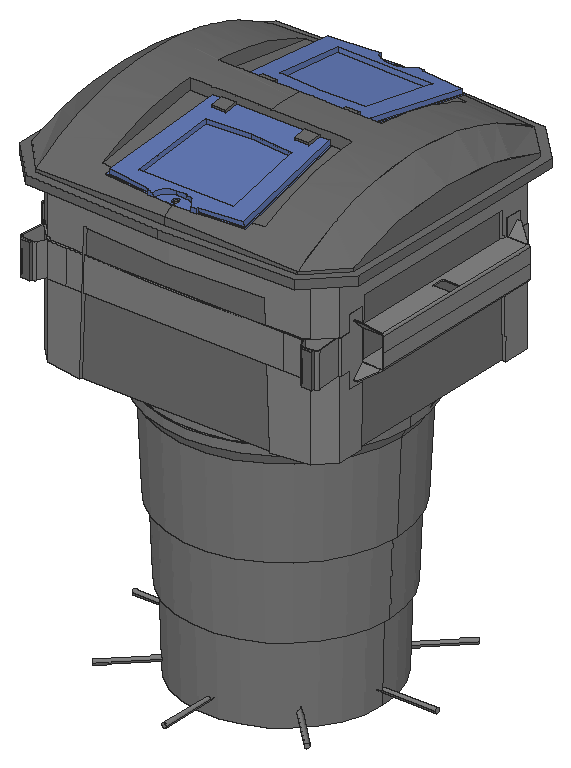
Revit family "Site-Waste_Management-EarthBin-EB500-bk2", category Site, Revit 2021
Family settings
  Round Connector Dimension = Use Diameter
  Part Type = Normal
  OmniClass Number = 23.70.30.21.14
  OmniClass Title = Solid Waste Bins
  Work Plane-Based = No
  Always vertical = Yes
  Cut with Voids When Loaded = No
  Shared = No
Parameters (values of type "Black")
  URL = "https://www.earthbin.com/"
  Type Comments = "6.5 cu. yd. (5000 litres)"  # constant formula
  Model = "EB500"  # constant formula
  Manufacturer = "EarthBin"  # constant formula
  Description = "Rectangular waste & recycling"  # constant formula
  Default Elevation = 0' - 0"
  CD_Width = 6' - 8"  # constant formula
  CD_Specification = "https://static1.squarespace.com/static/5818b2cc03596e3016bd3fee/t/650c69fb3b03872bf3e15cf4/1695314375663/Cutsheet_EB500%2B500_EN.pdf"
  CD_Product Page URL = "https://www.earthbin.com/front-load-semi-in-ground"
  CD_Product Name = "Front Load Semi In-Ground EB500"  # constant formula
  CD_Product Documentation Link = "https://static1.squarespace.com/static/5818b2cc03596e3016bd3fee/t/6509f455b6659b7f399c748e/1695314541799/ProductGuide_EarthBin_EN.pdf"
  CD_Microsite = "https://www.caddetails.com/5581"
  CD_Height = 4' - 3 1/4"  # constant formula
  CD_Finish Lid = Plastic-Polyethylene-EarthBin-Lid-Grey
  CD_Finish Frame = Metal-Steel-EarthBin
  CD_Finish Feed Door = Plastic-Polyethylene-EarthBin-Feed_Door-Blue
  CD_Finish Bin = Plastic-Polyethylene-EarthBin-Panel_Wide-Black
  CD_Feed Height = 3' - 9 1/4"  # constant formula
  CD_Depth In Ground = 5' - 2"  # constant formula
  CD_Depth = 5' - 10"  # constant formula
  CD_Created By = "CADdetails Ltd. 2023"  # constant formula
  Assembly Code = "E1090200"
Types (2): name | CD_Finish Bin
  Brown | Plastic-Polyethylene-EarthBin-Panel_Wide-Brown
  Black | Plastic-Polyethylene-EarthBin-Panel_Wide-Black
Reference planes (in)
  plane 1 "Center (Front/Back)": y = 0
  plane 2 "Grade": z = 4
  plane 3 "Center (Left/Right)": x = 0
  plane 4 "Right": x = 40
  plane 5 "Left": x = -40
  plane 6 "Front": y = 35
  plane 7 "Back": y = -35
  plane 8 "Top": z = 55.25
  plane 9 "Feed Height": z = 49.25
  plane 10 "Sleeve": z = 0
  plane 11 "Steel Framing Back": y = -21.01953
  plane 12 "Steel Framing Front": y = 21.01953
  plane 13 "Lid": z = 42.75
  plane 14 "Metal": z = 26.03791
  plane 15 "Back Rail": y = -34.10156
  plane 16 "Front Rail": y = 34.10156
  plane 17 "Rebar": through (0, 0, 144) normal (-0.7071, 0.7071, 0)
  plane 18 "Bottom": z = -62
Forms (in)
  Revolve 1, solid, material "Plastic-Polyethylene-EarthBin-Sleeve-Grey"
    sketch origin (0, 0, -65.75) x (1, 0, 0) y (0, 0, 1)
      loop
        line (0, 3.75) -> (0, 69.75) -> (-27.84093, 69.75) -> (-28.37532, 65.75) -> (-28.82359, 65.75) -> (-28.82359, 63.625) -> (-28.37532, 63.625) -> (-26.83286, 60.84234) -> (-25.87562, 39.88026) -> (-24.64766, 39.88026) -> (-23.94171, 22.21575) -> (-22.95309, 22.21575) -> (-22.36704, 3.75) -> (0, 3.75)
      axis (0, 3.75) -> (0, 69.75)
    angle from 0 to 360
  Extrusion 2, solid, material "Metal-Steel-EarthBin" <- "CD_Finish Frame"
    sketch origin (0, 0, 0) x (1, 0, 0) y (0, 1, 0)
      loop
        line (-30.24539, 30.72206) -> (-34.03946, 26.92799) -> (-34.03946, -26.92799) -> (-30.24539, -30.72206)
        arc (-30.24539, -30.72206) -> (0, -33.3675) -> (30.24539, -30.72206) r 174.22124
        line (30.24539, -30.72206) -> (34.03946, -26.92799) -> (34.03946, 26.92799) -> (30.24539, 30.72206)
        arc (30.24539, 30.72206) -> (0, 33.3675) -> (-30.24539, 30.72206) r 174.22124
    from 4 to 42.75
  Blend 3, solid, material "Plastic-Polyethylene-EarthBin-Lid-Grey" <- "CD_Finish Lid"
    base sketch origin (0, 0, -61.75) x (0, 1, 0) y (0, 0, 1)
      loop
        line (26.92799, 104.5) -> (26.92799, 107.26035)
        arc (26.92799, 107.26035) -> (0, 112.26577) -> (-26.92799, 107.26035) r 74.93587
        line (-26.92799, 107.26035) -> (-26.92799, 104.5) -> (26.92799, 104.5)
    top sketch origin (0, 0, -61.75) x (0, 1, 0) y (0, 0, 1)
      loop
        line (34.1175, 104.5) -> (34.1175, 107.02798)
        arc (34.1175, 107.02798) -> (0, 117) -> (-34.1175, 107.02798) r 63.34948
        line (-34.1175, 107.02798) -> (-34.1175, 104.5) -> (34.1175, 104.5)
    from -37.1421 to -30.30484
  Blend 4, solid, material "Plastic-Polyethylene-EarthBin-Lid-Grey" <- "CD_Finish Lid"
    base sketch origin (0, 0, -61.75) x (0, 1, 0) y (0, 0, -1)
      loop
        line (26.92799, -104.5) -> (-26.92799, -104.5) -> (-26.92799, -107.26035)
        arc (-26.92799, -107.26035) -> (0, -112.26577) -> (26.92799, -107.26035) r 74.93587
        line (26.92799, -107.26035) -> (26.92799, -104.5)
    top sketch origin (0, 0, -61.75) x (0, 1, 0) y (0, 0, -1)
      loop
        line (34.1175, -104.5) -> (-34.1175, -104.5) -> (-34.1175, -107.02798)
        arc (-34.1175, -107.02798) -> (0, -117) -> (34.1175, -107.02798) r 63.34948
        line (34.1175, -107.02798) -> (34.1175, -104.5)
    from -37.1421 to -30
  Blend 5, solid, material "Plastic-Polyethylene-EarthBin-Lid-Grey" <- "CD_Finish Lid"
    base sketch origin (0, 0, -61.75) x (0, 1, 0) y (0, 0, 1)
      loop
        line (34.1175, 104.5) -> (34.1175, 107.02798)
        arc (34.1175, 107.02798) -> (0, 117) -> (-34.1175, 107.02798) r 63.34948
        line (-34.1175, 107.02798) -> (-34.1175, 104.5) -> (34.1175, 104.5)
    top sketch origin (0, 0, -61.75) x (0, 1, 0) y (0, 0, 1)
      loop
        line (-35, 104.5) -> (35, 104.5) -> (35, 108.16281)
        arc (35, 108.16281) -> (0, 117) -> (-35, 108.16281) r 73.72795
        line (-35, 108.16281) -> (-35, 104.5)
    from -30.30484 to 0
  Blend 6, solid, material "Plastic-Polyethylene-EarthBin-Lid-Grey" <- "CD_Finish Lid"
    base sketch origin (0, 0, -61.75) x (0, 1, 0) y (0, 0, -1)
      loop
        line (34.1175, -104.5) -> (-34.1175, -104.5) -> (-34.1175, -107.02798)
        arc (-34.1175, -107.02798) -> (0, -117) -> (34.1175, -107.02798) r 63.34948
        line (34.1175, -107.02798) -> (34.1175, -104.5)
    top sketch origin (0, 0, -61.75) x (0, 1, 0) y (0, 0, -1)
      loop
        line (-35, -104.5) -> (-35, -108.16281)
        arc (-35, -108.16281) -> (0, -117) -> (35, -108.16281) r 73.72795
        line (35, -108.16281) -> (35, -104.5) -> (-35, -104.5)
    from -30 to 0
  Extrusion 7, void
    sketch origin (0, 0, -61.75) x (0, 1, 0) y (0, 0, 1)
      loop
        line (-31.6432, 112.63436) -> (-31.6432, 109.86423) -> (-4.1432, 114.20005) -> (-4.1432, 119.5682)
        arc (-4.1432, 119.5682) -> (-18.23412, 117.45341) -> (-31.6432, 112.63436) r 72.79839
    from -18.82813 to 18.82813
  Extrusion 8, void
    sketch origin (0, 0, -61.75) x (0, -1, 0) y (0, 0, -1)
      loop
        arc (-31.6432, -112.63436) -> (-18.23412, -117.45341) -> (-4.1432, -119.5682) r 72.79839
        line (-4.1432, -119.5682) -> (-4.1432, -114.20005) -> (-31.6432, -109.86423) -> (-31.6432, -112.63436)
    from -18.82621 to 18.82813
  Extrusion 9, void
    sketch origin (0, 0, 0) x (1, 0, 0) y (0, 0, 1)
      loop
        line (-22, 0) -> (22, 0) -> (20.89194, 35.73066) -> (-20.89194, 35.73066) -> (-22, 0)
    from 31.34321 to 35
  Extrusion 10, void
    sketch origin (0, 0, 0) x (1, 0, 0) y (0, 0, 1)
      loop
        line (22, 0) -> (20.89194, 35.73066) -> (-20.89194, 35.73066) -> (-22, 0) -> (22, 0)
    from -35 to -31.34375
  Extrusion 11, void
    sketch origin (0, 0, 0) x (0, 1, 0) y (0, 0, 1)
      loop
        line (21.01953, 0) -> (19.91147, 35.73066) -> (-19.91147, 35.73066) -> (-21.01953, 0) -> (21.01953, 0)
    from 33.1684 to 40
  Extrusion 12, void
    sketch origin (0, 0, 0) x (0, 1, 0) y (0, 0, 1)
      loop
        line (21.01953, 0) -> (19.91147, 35.73066) -> (-19.91147, 35.73066) -> (-21.01953, 0) -> (21.01953, 0)
    from -40 to -33.16797
  Extrusion 13, solid, material "Metal-Steel-EarthBin" <- "CD_Finish Frame", detail levels fine
    sketch origin (0, 35, -61.75) x (-1, 0, 0) y (0, 0, 1)
      loop
        circle (0, 3.06531) r 0.5
    from -13.98047 to 0
  Extrusion 14, solid, material "Metal-Steel-EarthBin" <- "CD_Finish Frame", detail levels fine
    sketch origin (24.74874, 24.74874, -61.75) x (-0.707107, 0.707107, 0) y (0, 0, 1)
      loop
        circle (0, 3.06531) r 0.5
    from -13.98047 to 0
  Extrusion 15, solid, material "Metal-Steel-EarthBin" <- "CD_Finish Frame", detail levels fine
    sketch origin (35, 0, -61.75) x (0, 1, 0) y (0, 0, 1)
      loop
        circle (0, 3.06531) r 0.5
    from -13.98047 to 0
  Extrusion 16, solid, material "Metal-Steel-EarthBin" <- "CD_Finish Frame", detail levels fine
    sketch origin (24.74874, -24.74874, -61.75) x (0.707107, 0.707107, 0) y (0, 0, 1)
      loop
        circle (0, 3.06531) r 0.5
    from -13.98047 to 0
  Extrusion 17, solid, material "Metal-Steel-EarthBin" <- "CD_Finish Frame", detail levels fine
    sketch origin (0, -35, -61.75) x (1, 0, 0) y (0, 0, 1)
      loop
        circle (0, 3.06531) r 0.5
    from -13.98047 to 0
  Extrusion 18, solid, material "Metal-Steel-EarthBin" <- "CD_Finish Frame", detail levels fine
    sketch origin (-24.74874, -24.74874, -61.75) x (0.707107, -0.707107, 0) y (0, 0, 1)
      loop
        circle (0, 3.06531) r 0.5
    from -13.98047 to 0
  Extrusion 19, solid, material "Metal-Steel-EarthBin" <- "CD_Finish Frame", detail levels fine
    sketch origin (-35, 0, -61.75) x (0, -1, 0) y (0, 0, 1)
      loop
        circle (0, 3.06531) r 0.5
    from -13.98047 to 0
  Extrusion 20, solid, material "Metal-Steel-EarthBin" <- "CD_Finish Frame", detail levels fine
    sketch origin (-24.74874, 24.74874, -61.75) x (-0.707107, -0.707107, 0) y (0, 0, 1)
      loop
        circle (0, 3.06531) r 0.5
    from -13.98047 to 0
  Extrusion 21, solid, material "Plastic-Polyethylene-EarthBin-Lid-Grey" <- "CD_Finish Lid", detail levels medium+fine
    sketch origin (0, 0, 0) x (1, 0, 0) y (0, 1, 0)
      loop
        line (-30.30484, 34.1175) -> (-37.1421, 26.92799) -> (-37.1421, -26.92799) -> (-30.30484, -34.1175) -> (0, -35) -> (30, -34.1175) -> (37.1421, -26.92799) -> (37.1421, 26.92799) -> (30, 34.1175) -> (0, 35) -> (-30.30484, 34.1175)
      loop
        line (-39.1421, 27.72716) -> (-39.1421, -27.72716) -> (-31.18645, -36.09268) -> (0.0003, -37.00086) -> (30.85647, -36.09317) -> (39.1421, -27.75255) -> (39.1421, 27.75255) -> (30.85647, 36.09317) -> (0.0003, 37.00086) -> (-31.18645, 36.09268) -> (-39.1421, 27.72716)
    from 42.75 to 44.75
Cuts and joins
  Extrusion 7, Extrusion 8 cuts Blend 5
  Extrusion 7, Extrusion 8 cuts Blend 6
  joined: Blend 3, Blend 4, Blend 5, Blend 6
  Extrusion 9, Extrusion 10, Extrusion 11, Extrusion 12 cuts Revolve 1
  Extrusion 9, Extrusion 10, Extrusion 11, Extrusion 12 cuts Extrusion 2
Dimensions and locks (in)
  equal spacing: plane 5 "Left", plane 3 "Center (Left/Right)", plane 4 "Right"
  "CD_Width": plane 5 "Left" to plane 4 "Right"
  equal spacing: plane 6 "Front", plane 1 "Center (Front/Back)", plane 7 "Back"
  "CD_Depth": plane 6 "Front" to plane 7 "Back"
  locked: plane 2 "Grade" to plane 10 "Sleeve" at 4
  locked: plane 6 "Front" to plane 12 "Steel Framing Front" at 13.98047
  locked: plane 11 "Steel Framing Back" to plane 7 "Back" at 13.98047
  locked: plane 14 "Metal" to plane 8 "Top" at 29.21209
  locked: plane 1 "Center (Front/Back)" to nested 3 at 4.29895
  locked: nested 4 to plane 1 "Center (Front/Back)" at 4.3072
  plane 8 "Top" to nested 4 = 0' - 6.18108"
  plane 8 "Top" to nested 3 = 0' - 6.19174"
  Extrusion 9 sketch curve to Extrusion 9 sketch curve to plane 3 "Center (Left/Right)" to Extrusion 9 sketch curve to Extrusion 9 sketch curve = 0' - 1.10806" locked, 1' - 8.89194" locked, 1' - 8.89194" locked, 0' - 1.10806" locked
  Extrusion 11 sketch curve to Extrusion 11 sketch curve to plane 1 "Center (Front/Back)" to Extrusion 11 sketch curve to Extrusion 11 sketch curve = 0' - 1.10806" locked, 1' - 7.91147" locked, 1' - 7.91147" locked, 0' - 1.10806" locked
  locked: plane 15 "Back Rail" to plane 7 "Back" at 0.89844
  locked: plane 6 "Front" to plane 16 "Front Rail" at 0.89844
  Revolve 1 sketch curve to level to Revolve 1 sketch curve to Revolve 1 sketch curve = 0' - 0" locked, 0' - 2 1/8" locked, 0' - 2.78266" locked
  "CD_Depth In Ground": level to plane 18 "Bottom"
  "CD_Height": plane 8 "Top" to plane 2 "Grade"
  "CD_Feed Height": plane 9 "Feed Height" to plane 2 "Grade"
  Revolve 1 sketch curve to Revolve 1 sketch curve to plane 18 "Bottom" = 1' - 5.66451" locked, 1' - 6.46575" locked
  locked: plane 18 "Bottom" to Extrusion 19 at 3.81531
  Blend 3 sketch curve to plane 1 "Center (Front/Back)" to Blend 3 sketch curve = 2' - 2.92799" locked, 2' - 2.92799" locked
  Blend 3 sketch curve to Blend 3 sketch curve to Blend 3 sketch curve to plane 13 "Lid" = 0' - 5.00542" locked, 0' - 0" locked, 0' - 2.76035" locked
  Blend 3 sketch curve to plane 1 "Center (Front/Back)" to Blend 3 sketch curve = 2' - 10.1175" locked, 2' - 10.1175" locked
  Blend 3 sketch curve to Blend 3 sketch curve to Blend 3 sketch curve to plane 13 "Lid" = 0' - 9.97202" locked, 0' - 0" locked, 0' - 2.52798" locked
  locked: Blend 5 sketch curve to plane 13 "Lid" at 12.5
  Blend 4 sketch curve to plane 1 "Center (Front/Back)" to Blend 4 sketch curve = 2' - 10.1175" locked, 2' - 10.1175" locked
  Blend 4 sketch curve to Blend 4 sketch curve to Blend 4 sketch curve to plane 13 "Lid" = 0' - 9.97202" locked, 0' - 0" locked, 0' - 2.52798" locked
  locked: Blend 6 sketch curve to plane 13 "Lid" at 12.5
  locked: plane 8 "Top" to plane 13 "Lid" at 12.5
  Extrusion 7 sketch curve to Extrusion 7 sketch curve to plane 1 "Center (Front/Back)" = 2' - 3 1/2" locked, 0' - 4.1432" locked
  Extrusion 7 sketch curve to Extrusion 7 sketch curve to Extrusion 7 sketch curve to plane 9 "Feed Height" to Extrusion 7 sketch curve = 0' - 5.36816" locked, 0' - 1.56569" locked, 0' - 1.63436" locked, 0' - 1.13577" locked
  Extrusion 8 sketch curve to Extrusion 8 sketch curve to plane 6 "Front" = 2' - 3 1/2" locked, 0' - 3.3568" locked
  Extrusion 8 sketch curve to Extrusion 8 sketch curve to Extrusion 8 sketch curve to plane 9 "Feed Height" to Extrusion 8 sketch curve = 0' - 5.36816" locked, 0' - 1.56569" locked, 0' - 1.63436" locked, 0' - 1.13577" locked
  locked: cut or joined group of Blend 3, Blend 4, Blend 5, Blend 6, Extrusion 7, Extrusion 8 to plane 3 "Center (Left/Right)" at 18.82813
  locked: cut or joined group of Blend 3, Blend 4, Blend 5, Blend 6, Extrusion 7, Extrusion 8 to plane 3 "Center (Left/Right)" at 18.82621
  locked: Extrusion 12 sketch curve to level at 35.73066
  Extrusion 12 sketch curve to Extrusion 12 sketch curve to plane 1 "Center (Front/Back)" to Extrusion 12 sketch curve to Extrusion 12 sketch curve = 0' - 1.10806" locked, 1' - 7.91147" locked, 1' - 7.91147" locked, 0' - 1.10806" locked
  locked: Extrusion 11 sketch curve to level at 35.73066
  locked: level to Extrusion 10 sketch curve at 35.73066
  Extrusion 10 sketch curve to Extrusion 10 sketch curve to plane 3 "Center (Left/Right)" to Extrusion 10 sketch curve to Extrusion 10 sketch curve = 0' - 1.10806" locked, 1' - 8.89194" locked, 1' - 8.89194" locked, 0' - 1.10806" locked
  locked: Extrusion 9 sketch curve to level at 35.73066
  Extrusion 21 sketch curve to Extrusion 21 sketch curve to Extrusion 21 sketch curve to plane 3 "Center (Left/Right)" to Extrusion 21 sketch curve to Extrusion 21 sketch curve to Extrusion 21 sketch curve = 0' - 7.95565" locked, 0' - 0" locked, 2' - 7.18645" locked, 2' - 6.85647" locked, 0' - 0" locked, 0' - 8.28562" locked
  Extrusion 21 sketch curve to Extrusion 21 sketch curve to Extrusion 21 sketch curve to Extrusion 21 sketch curve to Extrusion 21 sketch curve to plane 1 "Center (Front/Back)" to Extrusion 21 sketch curve to Extrusion 21 sketch curve to Extrusion 21 sketch curve to Extrusion 21 sketch curve to Extrusion 21 sketch curve = 0' - 0.90769" locked, 0' - 0.0005" locked, 0' - 8.34013" locked, 0' - 0.02539" locked, 2' - 3.72716" locked, 2' - 3.72716" locked, 0' - 0.02539" locked, 0' - 8.34013" locked, 0' - 0.0005" locked, 0' - 0.90769" locked
  locked: Extrusion 21 to plane 13 "Lid" at 2
  plane 3 "Center (Left/Right)" to Revolve 1 sketch curve to Revolve 1 sketch curve to Revolve 1 sketch curve to Revolve 1 sketch curve to Revolve 1 sketch curve to Revolve 1 sketch curve to Revolve 1 sketch curve to Revolve 1 sketch curve to Revolve 1 sketch curve to Revolve 1 sketch curve = 1' - 10.36704" locked, 0' - 0.58605" locked, 0' - 0.98862" locked, 0' - 0.70595" locked, 0' - 1.22797" locked, 0' - 0.95724" locked, 0' - 1.00806" locked, 0' - 0.53439" locked, 0' - 0" locked, 0' - 0.44827" locked
  locked: plane 1 "Center (Front/Back)" to plane 17 "Rebar" (angle 45.00°)
  aligned and locked: Revolve 1 sketch curve to plane 3 "Center (Left/Right)"
  aligned and locked: plane 13 "Lid" to Extrusion 2
  aligned and locked: Blend 5 to Blend 3
  aligned and locked: plane 3 "Center (Left/Right)" to Blend 5
  aligned and locked: Blend 6 sketch curve to plane 7 "Back"
  aligned and locked: Blend 6 sketch curve to plane 6 "Front"
  aligned and locked: Blend 5 sketch curve to plane 6 "Front"
  aligned and locked: Blend 5 sketch curve to plane 7 "Back"
  aligned and locked: nested 1 to plane 14 "Metal"
  aligned and locked: plane 1 "Center (Front/Back)" to nested 1
  aligned and locked: Extrusion 9 to plane 7 "Back"
  aligned and locked: Extrusion 10 sketch curve to cut or joined group of Extrusion 2, Extrusion 9, Extrusion 10, Extrusion 11, Extrusion 12  (x2)
  aligned and locked: plane 6 "Front" to Extrusion 10
  aligned and locked: Extrusion 11 to plane 4 "Right"
  aligned and locked: plane 10 "Sleeve" to Extrusion 12 sketch curve
  aligned and locked: plane 5 "Left" to Extrusion 12
  aligned and locked: plane 14 "Metal" to nested 5
  aligned and locked: nested 5 to plane 15 "Back Rail"
  aligned and locked: plane 6 "Front" to Extrusion 13
  aligned and locked: Extrusion 13 to plane 12 "Steel Framing Front"
  aligned and locked: Revolve 1 sketch curve to plane 2 "Grade"
  aligned and locked: Extrusion 2 to plane 2 "Grade"
  aligned and locked: plane 14 "Metal" to nested 2
  aligned and locked: Revolve 1 sketch curve to plane 18 "Bottom"
  aligned and locked: Blend 5 sketch curve to plane 13 "Lid"
  aligned and locked: plane 13 "Lid" to Blend 4 sketch curve
  aligned and locked: plane 13 "Lid" to Blend 6 sketch curve
  aligned and locked: nested 3 to plane 3 "Center (Left/Right)"
  aligned and locked: plane 3 "Center (Left/Right)" to nested 4
  aligned and locked: level to Extrusion 11 sketch curve
  aligned and locked: Extrusion 9 sketch curve to level
  aligned and locked: Extrusion 21 sketch curve to Blend 3  (x3)
  aligned and locked: Extrusion 21 sketch curve to cut or joined group of Blend 3, Blend 4, Blend 5, Blend 6, Extrusion 7, Extrusion 8  (x2)
  aligned and locked: Extrusion 21 sketch curve to Blend 4  (x3)
  aligned and locked: Extrusion 21 to plane 13 "Lid"
Automatic sketch dimensions
  Extrusion 2 sketch curve to plane 3 "Center (Left/Right)" = 0' - 0"  (x2)
  Extrusion 2 sketch curve to plane 6 "Front" = 0' - 4.27794"  (x2)
  Extrusion 2 sketch curve to plane 5 "Left" = 0' - 9.75461"  (x2)
  plane 7 "Back" to Extrusion 2 sketch curve = 0' - 4.27794"  (x2)
  Extrusion 2 sketch curve to Extrusion 2 sketch curve = 0' - 3.79407"  (x6)
  Extrusion 2 sketch curve to plane 7 "Back" = 8' - 9.85374"
  plane 6 "Front" to Extrusion 2 sketch curve = 8' - 9.85374"
  Blend 3 sketch curve to plane 13 "Lid" = 0' - 0"  (x2)
  Blend 4 sketch curve to plane 13 "Lid" = 0' - 0"
  Blend 4 sketch curve to plane 1 "Center (Front/Back)" = 0' - 0"
  Blend 4 sketch curve to plane 11 "Steel Framing Back" = 0' - 5.90846"
  plane 13 "Lid" to Blend 4 sketch curve = 0' - 2.76035"
  plane 12 "Steel Framing Front" to Blend 4 sketch curve = 0' - 5.90846"
  Blend 5 sketch curve to plane 13 "Lid" = 0' - 0"
  Blend 5 sketch curve to plane 1 "Center (Front/Back)" = 0' - 0"  (x2)
  plane 7 "Back" to Blend 5 sketch curve = 0' - 0.8825"
  Blend 5 sketch curve to plane 6 "Front" = 0' - 0.8825"
  plane 13 "Lid" to Blend 5 sketch curve = 0' - 2.52798"
  Blend 5 sketch curve to plane 9 "Feed Height" = 0' - 2.83719"
  Blend 6 sketch curve to plane 13 "Lid" = 0' - 0"
  Blend 6 sketch curve to plane 1 "Center (Front/Back)" = 0' - 0"  (x2)
  plane 7 "Back" to Blend 6 sketch curve = 0' - 0.8825"
  Blend 6 sketch curve to plane 6 "Front" = 0' - 0.8825"
  Blend 6 sketch curve to Blend 6 sketch curve = 0' - 2.52798"
  Blend 6 sketch curve to plane 9 "Feed Height" = 0' - 2.83719"
  plane 1 "Center (Front/Back)" to Extrusion 7 sketch curve = 0' - 0.4358"
  Extrusion 8 sketch curve to plane 1 "Center (Front/Back)" = 0' - 0.4358"
  Blend 4 sketch curve to plane 10 "Sleeve" = 2' - 0.4201"
  Blend 5 sketch curve to plane 10 "Sleeve" = 0' - 8.09948"
  Blend 6 sketch curve to plane 10 "Sleeve" = 0' - 8.09948"
  plane 3 "Center (Left/Right)" to Extrusion 21 sketch curve = 0' - 0.0003"  (x2)
  Extrusion 21 sketch curve to plane 3 "Center (Left/Right)" = 0' - 0"  (x2)
  plane 16 "Front Rail" to Extrusion 21 sketch curve = 0' - 0.01594"
  Extrusion 21 sketch curve to plane 15 "Back Rail" = 0' - 0.01594"
  Revolve 1 sketch curve to plane 3 "Center (Left/Right)" = 0' - 0"
  Revolve 1 sketch curve to Revolve 1 sketch curve = 0' - 5 3/4"
  Revolve 1 sketch curve to plane 18 "Bottom" = 1' - 8 1/4"
  radius of Extrusion 13 sketch curve = 0' - 0 1/2"
  radius of Extrusion 14 sketch curve = 0' - 0 1/2"
  radius of Extrusion 15 sketch curve = 0' - 0 1/2"
  radius of Extrusion 16 sketch curve = 0' - 0 1/2"
  radius of Extrusion 17 sketch curve = 0' - 0 1/2"
  radius of Extrusion 18 sketch curve = 0' - 0 1/2"
  radius of Extrusion 19 sketch curve = 0' - 0 1/2"
  radius of Extrusion 20 sketch curve = 0' - 0 1/2"
Nested families (in)
  nested 1: "Nested-EarthBin-Steel_Frame-Lift_Handle" at (-34.03946, 0, 26.03791) x (0, 0, 1) z (-1, 0, 0), type "Steel Frame"
  nested 2: "Nested-EarthBin-Steel_Frame-Lift_Handle" at (34.03946, 0, 26.03791) x (0, 0, 1) z (1, 0, 0), type "Steel Frame"
  nested 3: "Nested-EarthBin-Lid" at (0, 18.4661, 50.19181) x (-1, 0, 0) z (0, 0.1557, 0.9878), type "Lid"
  nested 4: "Nested-EarthBin-Lid" at (0, -18.47435, 50.19051) x (1, 0, 0) z (0, -0.1557, 0.9878), type "Lid"
  nested 5: "Nested-EarthBin-Steel_Frame-Front_Rail" at (0, -34.10156, 26.03791) x (0, 0, -1) z (0, -1, 0), type "Steel Frame"
Definition of nested family "Nested-EarthBin-Steel_Frame-Lift_Handle"
  Parameters (values of type "Steel Frame")
    URL = "https://www.earthbin.com/"
    Manufacturer = "EarthBin"  # constant formula
    Description = "For use with EarthBin models only"  # constant formula
    Default Elevation = 4' - 0"
    CD_Length = 3' - 6 5/128"
    CD_Finish = none
  Reference planes (in)
    plane 1 "Center (Front/Back)": y = 0
    plane 2 "Right": z = 0
    plane 3 "Center (Left/Right)": x = 0
    plane 4 "Front": y = 21.01953
    plane 5 "Back": y = -21.01953
    plane 6 "Left": z = 5.36625
  Forms (in)
    Extrusion 1, solid
      sketch origin (0, 0, 0) x (1, 0, 0) y (0, 1, 0)
        loop
          line (-48, 48) -> (-48, -48) -> (48, -48) -> (48, 48) -> (-48, 48)
      from 0 to -12
    Extrusion 2, solid, material <- "CD_Finish", detail levels medium+fine
      sketch origin (0, 0, 0) x (1, 0, 0) y (0, 0, 1)
        loop
          line (-3.81244, 4.89751) -> (-3.81244, 0) -> (-3.56244, 0) -> (-3.56244, 4.89751)
          arc (-3.56244, 4.89751) -> (-3.49904, 5.05151) -> (-3.34559, 5.11625) r 0.21875
          line (-3.34559, 5.11625) -> (0, 5.11625) -> (3.34559, 5.11625)
          arc (3.34559, 5.11625) -> (3.49904, 5.05151) -> (3.56244, 4.89751) r 0.21875
          line (3.56244, 4.89751) -> (3.56244, 0) -> (3.81244, 0) -> (3.81244, 4.89751)
          arc (3.81244, 4.89751) -> (3.67612, 5.22798) -> (3.34647, 5.36625) r 0.46875
          line (3.34647, 5.36625) -> (0, 5.36625) -> (-3.34647, 5.36625)
          arc (-3.34647, 5.36625) -> (-3.67612, 5.22798) -> (-3.81244, 4.89751) r 0.46875
      from -21.01953 to 21.01953
    Extrusion 3, void
      sketch origin (0, 0, 0) x (0, 1, 0) y (0, 0, 1)
        loop
          line (-1.5, 4.8975) -> (-1.5, 1.37125)
          arc (-1.5, 1.37125) -> (-1.38997, 1.10589) -> (-1.12444, 0.99625) r 0.375
          line (-1.12444, 0.99625) -> (1.12444, 0.99625)
          arc (1.12444, 0.99625) -> (1.38997, 1.10589) -> (1.5, 1.37125) r 0.375
          line (1.5, 1.37125) -> (1.5, 4.8975) -> (-1.5, 4.8975)
      from 2.61769 to 4.04426
    Extrusion 4, solid, material <- "CD_Finish", detail levels medium+fine
      sketch origin (0, 0, 0) x (1, 0, 0) y (0, 1, 0)
        loop
          line (-7.66958, 24.37722) -> (-7.66958, 21.01953) -> (7.66958, 21.01953) -> (7.66958, 24.37722) -> (3.96284, 24.37722) -> (3.96284, 26.92907) -> (-3.96284, 26.92907) -> (-3.96284, 24.37722) -> (-7.66958, 24.37722)
        loop
          line (-7.66958, -24.37722) -> (-3.96284, -24.37722) -> (-3.96284, -26.92907) -> (3.96284, -26.92907) -> (3.96284, -24.37722) -> (7.66958, -24.37722) -> (7.66958, -21.01953) -> (-7.66958, -21.01953) -> (-7.66958, -24.37722)
      from 0 to 0.34279
    Extrusion 5, solid, material <- "CD_Finish", detail levels fine
      sketch origin (0, 0, 0) x (1, 0, 0) y (0, 1, 0)
        loop
          line (-3.56244, 21.01953) -> (-6.14547, 23.60257) -> (-6.27047, 23.47757) -> (-3.81244, 21.01953) -> (-3.56244, 21.01953)
        loop
          line (3.56244, 21.01953) -> (3.81244, 21.01953) -> (6.27047, 23.47757) -> (6.14547, 23.60257) -> (3.56244, 21.01953)
        loop
          line (-3.56244, -21.01953) -> (-3.81244, -21.01953) -> (-6.27047, -23.47757) -> (-6.14547, -23.60257) -> (-3.56244, -21.01953)
        loop
          line (3.56244, -21.01953) -> (6.14547, -23.60257) -> (6.27047, -23.47757) -> (3.81244, -21.01953) -> (3.56244, -21.01953)
      from 0 to 4.89765
    Extrusion 6, void
      sketch origin (0, 0, 0) x (0, 1, 0) y (0, 0, 1)
        loop
          line (-23.71655, 5.04358) -> (-23.71655, 0.79331) -> (-23.60257, 0.96676)
          arc (-23.60257, 0.96676) -> (-23.57015, 1.18039) -> (-23.47757, 1.37562) r 0.74201
          line (-23.47757, 1.37562) -> (-21.41817, 4.50952)
          arc (-21.41817, 4.50952) -> (-21.24003, 4.72528) -> (-21.01953, 4.89751) r 1.28859
          line (-21.01953, 4.89751) -> (-20.92354, 5.04358) -> (-23.71655, 5.04358)
        loop
          line (23.71655, 5.04358) -> (20.92354, 5.04358) -> (21.01953, 4.89751)
          arc (21.01953, 4.89751) -> (21.24003, 4.72528) -> (21.41817, 4.50952) r 1.28859
          line (21.41817, 4.50952) -> (23.47757, 1.37562)
          arc (23.47757, 1.37562) -> (23.57015, 1.18039) -> (23.60257, 0.96676) r 0.74201
          line (23.60257, 0.96676) -> (23.71655, 0.79331) -> (23.71655, 5.04358)
      from -7.66958 to 7.66958
    Extrusion 7, solid, material <- "CD_Finish", detail levels coarse
      sketch origin (0, 0, 0) x (1, 0, 0) y (0, 0, 1)
        loop
          line (-3.8125, 4.89759) -> (-3.8125, 0) -> (3.81174, 0) -> (3.81174, 4.89733)
          arc (3.81174, 4.89733) -> (3.67435, 5.22904) -> (3.34264, 5.36643) r 0.4691
          line (3.34264, 5.36643) -> (-3.34645, 5.36643)
          arc (-3.34645, 5.36643) -> (-3.67616, 5.22813) -> (-3.8125, 4.89759) r 0.46885
      from -21.01953 to 21.01953
    Extrusion 8, solid, material <- "CD_Finish", detail levels coarse
      sketch origin (0, 0, 0) x (1, 0, 0) y (0, 1, 0)
        loop
          line (-7.66958, -21.01953) -> (-7.66958, -26.92907) -> (7.66958, -26.92907) -> (7.66958, -21.01953) -> (-7.66958, -21.01953)
        loop
          line (-7.66958, 21.01953) -> (7.66958, 21.01953) -> (7.66958, 26.92907) -> (-7.66958, 26.92907) -> (-7.66958, 21.01953)
      from 0 to 0.34279
  Cuts and joins
    Extrusion 3 cuts Extrusion 2
    Extrusion 6 cuts Extrusion 5
  Dimensions and locks (in)
    equal spacing: plane 5 "Back", plane 1 "Center (Front/Back)", plane 4 "Front"
    locked: plane 6 "Left" to plane 2 "Right" at 5.36625
    plane 6 "Left" to Extrusion 2 sketch curve to Extrusion 2 sketch curve to Extrusion 2 sketch curve to Extrusion 2 sketch curve to Extrusion 2 sketch curve to Extrusion 2 sketch curve = 0' - 0 1/4" locked, 0' - 0" locked, 0' - 0 7/32" locked, 0' - 0" locked, 0' - 0" locked, 0' - 0" locked
    Extrusion 2 sketch curve to Extrusion 2 sketch curve to Extrusion 2 sketch curve to plane 3 "Center (Left/Right)" to Extrusion 2 sketch curve to Extrusion 2 sketch curve to Extrusion 2 sketch curve = 0' - 0 1/4" locked, 0' - 0.21685" locked, 0' - 3.34559" locked, 0' - 3.34559" locked, 0' - 0.21685" locked, 0' - 0 1/4" locked
    "CD_Length": plane 5 "Back" to plane 4 "Front"
    Extrusion 5 sketch curve to Extrusion 5 sketch curve to plane 5 "Back" = 0' - 0 1/8" locked, 0' - 2.45804" locked  (x2)
    plane 4 "Front" to Extrusion 5 sketch curve to Extrusion 5 sketch curve = 0' - 2.45804" locked, 0' - 0 1/8" locked  (x2)
    Extrusion 6 sketch curve to Extrusion 6 sketch curve to Extrusion 6 sketch curve to Extrusion 6 sketch curve to Extrusion 6 sketch curve to Extrusion 6 sketch curve to plane 6 "Left" = 0' - 0.17345" locked, 0' - 0.40886" locked, 0' - 3.13391" locked, 0' - 0.38799" locked, 0' - 0.14607" locked, 0' - 0.32267" locked  (x2)
    Extrusion 6 sketch curve to plane 4 "Front" to Extrusion 6 sketch curve to Extrusion 6 sketch curve to Extrusion 6 sketch curve to Extrusion 6 sketch curve = 0' - 0.09599" locked, 0' - 0.39863" locked, 0' - 2.0594" locked, 0' - 0 1/8" locked, 0' - 0.11398" locked
    Extrusion 6 sketch curve to Extrusion 6 sketch curve to Extrusion 6 sketch curve to Extrusion 6 sketch curve to plane 5 "Back" to Extrusion 6 sketch curve = 0' - 0.11398" locked, 0' - 0 1/8" locked, 0' - 2.0594" locked, 0' - 0.39863" locked, 0' - 0.09599" locked
    Extrusion 3 sketch curve to Extrusion 3 sketch curve to plane 1 "Center (Front/Back)" to Extrusion 3 sketch curve to Extrusion 3 sketch curve = 0' - 0.37556" locked, 0' - 1.12444" locked, 0' - 1.12444" locked, 0' - 0.37556" locked
    Extrusion 3 sketch curve to Extrusion 3 sketch curve to Extrusion 3 sketch curve to Extrusion 3 sketch curve to plane 6 "Left" = 0' - 0 3/8" locked, 0' - 0" locked, 0' - 3.52625" locked, 0' - 0 15/32" locked
    Extrusion 7 sketch curve to Extrusion 7 sketch curve to plane 3 "Center (Left/Right)" to Extrusion 7 sketch curve to Extrusion 7 sketch curve = 0' - 0.4691" locked, 0' - 3.34264" locked, 0' - 3.34645" locked, 0' - 0.46605" locked
    plane 6 "Left" to Extrusion 7 sketch curve to Extrusion 7 sketch curve = 0' - 0.46866" locked, 0' - 0.00026" locked
    locked: plane 4 "Front" to Extrusion 8 sketch curve at 5.90954
    locked: Extrusion 8 sketch curve to plane 5 "Back" at 5.90954
    Extrusion 8 sketch curve to plane 3 "Center (Left/Right)" to Extrusion 8 sketch curve = 0' - 7.66958" locked, 0' - 7.66958" locked  (x2)
    Extrusion 4 sketch curve to Extrusion 4 sketch curve to Extrusion 4 sketch curve to Extrusion 4 sketch curve to plane 3 "Center (Left/Right)" to Extrusion 4 sketch curve to Extrusion 4 sketch curve to Extrusion 4 sketch curve to Extrusion 4 sketch curve = 0' - 0" locked, 0' - 3.70674" locked, 0' - 0" locked, 0' - 3.96284" locked, 0' - 3.96284" locked, 0' - 0" locked, 0' - 3.70674" locked, 0' - 0" locked
    plane 4 "Front" to Extrusion 4 sketch curve to Extrusion 4 sketch curve to Extrusion 4 sketch curve = 0' - 3.35769" locked, 0' - 0" locked, 0' - 2.55185" locked
    Extrusion 4 sketch curve to Extrusion 4 sketch curve to Extrusion 4 sketch curve to plane 5 "Back" = 0' - 2.55185" locked, 0' - 0" locked, 0' - 3.35769" locked
    locked: Extrusion 8 to plane 6 "Left" at 5.02346
    locked: Extrusion 8 to plane 2 "Right" at 0.34279
    aligned and locked: plane 2 "Right" to Extrusion 1
    aligned and locked: level to Extrusion 1
    aligned and locked: Extrusion 2 sketch curve to level
    aligned and locked: level to Extrusion 2 sketch curve
    aligned and locked: plane 5 "Back" to Extrusion 2
    aligned and locked: Extrusion 2 to plane 4 "Front"
    aligned and locked: plane 5 "Back" to Extrusion 4 sketch curve
    aligned and locked: plane 4 "Front" to Extrusion 4 sketch curve
    aligned and locked: plane 6 "Left" to Extrusion 2 sketch curve
    aligned and locked: Extrusion 2 sketch curve to plane 6 "Left"
    aligned and locked: level to Extrusion 7 sketch curve
    aligned and locked: plane 5 "Back" to Extrusion 7
    aligned and locked: Extrusion 7 to plane 4 "Front"
    aligned and locked: plane 5 "Back" to Extrusion 8 sketch curve
    aligned and locked: plane 4 "Front" to Extrusion 8 sketch curve
    aligned and locked: Extrusion 8 to level
    aligned and locked: Extrusion 4 to level
    aligned and locked: Extrusion 4 to Extrusion 8
  Automatic sketch dimensions
    Extrusion 1 sketch curve to Extrusion 1 sketch curve = 8' - 0"  (x2)
    Extrusion 2 sketch curve to Extrusion 2 sketch curve = 0' - 0"  (x2)
    Extrusion 2 sketch curve to plane 3 "Center (Left/Right)" = 0' - 0"  (x2)
    Extrusion 3 sketch curve to Extrusion 3 sketch curve = 0' - 0"  (x2)
    plane 1 "Center (Front/Back)" to Extrusion 3 sketch curve = 0' - 1 1/2"
    Extrusion 3 sketch curve to plane 1 "Center (Front/Back)" = 0' - 1 1/2"
    plane 5 "Back" to Extrusion 5 sketch curve = 0' - 0"  (x2)
    plane 4 "Front" to Extrusion 5 sketch curve = 0' - 0"  (x2)
    Extrusion 5 sketch curve to plane 3 "Center (Left/Right)" = 0' - 6.27047"  (x2)
    Extrusion 5 sketch curve to Extrusion 5 sketch curve = 0' - 0 1/8"  (x2)
    plane 3 "Center (Left/Right)" to Extrusion 5 sketch curve = 0' - 3.56244"  (x2)
    Extrusion 5 sketch curve to Extrusion 5 sketch curve = 0' - 2.33304"  (x2)
    Extrusion 6 sketch curve to plane 5 "Back" = 0' - 0"
    Extrusion 6 sketch curve to plane 4 "Front" = 0' - 0"
    Extrusion 6 sketch curve to Extrusion 6 sketch curve = 0' - 0.61701"  (x2)
    Extrusion 6 sketch curve to plane 5 "Back" = 0' - 0.67825"
    plane 4 "Front" to Extrusion 6 sketch curve = 0' - 0.67825"
Definition of nested family "Nested-EarthBin-Lid"
  Parameters (values of type "Lid")
    URL = "https://www.earthbin.com/"
    Manufacturer = "EarthBin"  # constant formula
    Description = "For use with EarthBin models only"  # constant formula
    Default Elevation = 4' - 0"
    CD_Length = 2' - 5 5/128"
    CD_Finish Lid = none
    CD_Finish = none
  Reference planes (in)
    plane 1 "Center (Front/Back)": y = 0
    plane 2 "Bottom": z = 0
    plane 3 "Center (Left/Right)": x = 0
    plane 4 "Back": y = 14.51953
    plane 5 "Front": y = -14.51953
    plane 6 "Top": z = 1.125
    plane 7: x = -16
    plane 8: x = 16
  Forms (in)
    Extrusion 1, solid
      sketch origin (0, 0, 0) x (1, 0, 0) y (0, 1, 0)
        loop
          line (-48, 48) -> (-48, -48) -> (48, -48) -> (48, 48) -> (-48, 48)
      from 0 to -12
    Extrusion 2, solid, material <- "CD_Finish Lid", detail levels medium+fine
      sketch origin (0, 0, 0) x (1, 0, 0) y (0, 1, 0)
        loop
          arc (-14, 14.51953) -> (-15.7021, 0.61637) -> (-16.03231, -13.38669) r 142.63263
          arc (-16.03231, -13.38669) -> (0.00022, -14.51953) -> (16.03243, -13.38208) r 113.78504
          arc (16.03243, -13.38208) -> (15.6952, 0.61819) -> (14, 14.51953) r 144.0395
          line (14, 14.51953) -> (11.25, 14.51953) -> (11.25, 11.51953) -> (8, 11.51953) -> (8, 14.51953) -> (-8, 14.51953) -> (-8, 11.51953) -> (-11.25, 11.51953) -> (-11.25, 14.51953) -> (-14, 14.51953)
        loop
          circle (0, -13.32099) r 0.75
      from 0 to 0.125
    Extrusion 3, solid, material <- "CD_Finish Lid", detail levels medium+fine
      sketch origin (0, 0, 0) x (1, 0, 0) y (0, 1, 0)
        loop
          line (13.49266, 14.51953) -> (11.25, 14.51953) -> (11.25, 11.51953) -> (8, 11.51953) -> (8, 14.51953) -> (-8, 14.51953) -> (-8, 11.51953) -> (-11.25, 11.51953) -> (-11.25, 14.51953) -> (-13.49266, 14.51953)
          arc (-13.49266, 14.51953) -> (-15.17795, 0.83378) -> (-15.54226, -12.95054) r 143.5395
          arc (-15.54226, -12.95054) -> (-10.59164, -13.52483) -> (-5.62055, -13.88082) r 113.28499
          line (-5.62055, -13.88082) -> (-5.62055, -14.33694) -> (-4.31596, -14.41373)
          arc (-4.31596, -14.41373) -> (-3.15773, -12.54438) -> (-1.08357, -11.81371) r 3.30928
          line (-1.08357, -11.81371) -> (1.08357, -11.81371)
          arc (1.08357, -11.81371) -> (3.15773, -12.54438) -> (4.31596, -14.41373) r 3.30928
          line (4.31596, -14.41373) -> (5.62055, -14.33694) -> (5.62055, -13.87921)
          arc (5.62055, -13.87921) -> (10.59172, -13.52178) -> (15.54236, -12.94605) r 113.28499
          arc (15.54236, -12.94605) -> (15.17778, 0.83602) -> (13.49266, 14.51953) r 143.5395
        loop
          arc (-9.94852, 7.99725) -> (-10.76214, -1.09763) -> (-10.90365, -10.22774) r 123.88406
          line (-10.90365, -10.22774) -> (10.90365, -10.22774)
          arc (10.90365, -10.22774) -> (10.76214, -1.09763) -> (9.94852, 7.99725) r 123.88406
          arc (9.94852, 7.99725) -> (4.98572, 8.50899) -> (0, 8.69292) r 75.74704
          arc (0, 8.69292) -> (-4.98572, 8.50899) -> (-9.94852, 7.99725) r 75.74704
      from 0.125 to 1.125
    Extrusion 4, solid, material <- "CD_Finish", detail levels fine
      sketch origin (0, 0, 0) x (1, 0, 0) y (0, 1, 0)
        loop
          line (-11.25, 14.51953) -> (-11.25, 11.51953) -> (-8, 11.51953) -> (-8, 14.51953) -> (-11.25, 14.51953)
        loop
          line (8, 14.51953) -> (8, 11.51953) -> (11.25, 11.51953) -> (11.25, 14.51953) -> (8, 14.51953)
      from 0 to 1.5
    Extrusion 5, solid, material <- "CD_Finish Lid", detail levels coarse
      sketch origin (0, 0, 0) x (1, 0, 0) y (0, 1, 0)
        loop
          line (-16, 14.51953) -> (-16, -14.51953) -> (16, -14.51953) -> (16, 14.51953) -> (-16, 14.51953)
      from 0 to 1.125
  Dimensions and locks (in)
    equal spacing: plane 5 "Front", plane 1 "Center (Front/Back)", plane 4 "Back"
    locked: plane 6 "Top" to plane 2 "Bottom" at 1.125
    "CD_Length": plane 5 "Front" to plane 4 "Back"
    Extrusion 3 sketch curve to Extrusion 3 sketch curve to Extrusion 3 sketch curve to Extrusion 3 sketch curve to plane 4 "Back" = 0' - 0" locked, 0' - 3.52228" locked, 0' - 0" locked, 0' - 3" locked
    plane 5 "Front" to Extrusion 3 sketch curve to Extrusion 3 sketch curve to Extrusion 3 sketch curve to Extrusion 3 sketch curve to Extrusion 3 sketch curve to Extrusion 3 sketch curve to Extrusion 3 sketch curve to Extrusion 3 sketch curve = 0' - 0.1058" locked, 0' - 0" locked, 0' - 0.07679" locked, 0' - 0" locked, 0' - 0.45612" locked, 0' - 0.00161" locked, 0' - 2.0655" locked, 0' - 1.58597" locked
    Extrusion 3 sketch curve to Extrusion 3 sketch curve to Extrusion 3 sketch curve to Extrusion 3 sketch curve to plane 3 "Center (Left/Right)" to Extrusion 3 sketch curve to Extrusion 3 sketch curve to Extrusion 3 sketch curve to Extrusion 3 sketch curve = 0' - 9.9217" locked, 0' - 1.3046" locked, 0' - 3.23238" locked, 0' - 1.08357" locked, 0' - 1.08357" locked, 0' - 3.23238" locked, 0' - 1.3046" locked, 0' - 9.9218" locked
    Extrusion 2 sketch curve to Extrusion 2 sketch curve to plane 4 "Back" = 0' - 0" locked, 0' - 3" locked
    plane 5 "Front" to Extrusion 2 sketch curve to Extrusion 2 sketch curve to Extrusion 2 sketch curve = 0' - 1.13284" locked, 0' - 0.00461" locked, 0' - 0.81108" locked
    Extrusion 2 sketch curve to Extrusion 2 sketch curve to plane 3 "Center (Left/Right)" to Extrusion 2 sketch curve = 1' - 3.28231" locked, 0' - 0 3/4" locked, 1' - 4.03243" locked
    Extrusion 2 sketch curve to Extrusion 2 sketch curve to Extrusion 2 sketch curve to plane 3 "Center (Left/Right)" to Extrusion 2 sketch curve to Extrusion 2 sketch curve to Extrusion 2 sketch curve = 0' - 2 3/4" locked, 0' - 3 1/4" locked, 0' - 8" locked, 0' - 8" locked, 0' - 3 1/4" locked, 0' - 2 3/4" locked
    Extrusion 3 sketch curve to Extrusion 3 sketch curve to Extrusion 3 sketch curve to plane 3 "Center (Left/Right)" to Extrusion 3 sketch curve to Extrusion 3 sketch curve to Extrusion 3 sketch curve = 0' - 2.24266" locked, 0' - 3 1/4" locked, 0' - 8" locked, 0' - 8" locked, 0' - 3 1/4" locked, 0' - 2.24266" locked
    aligned and locked: plane 2 "Bottom" to Extrusion 1
    aligned and locked: level to Extrusion 1
    aligned and locked: plane 4 "Back" to Extrusion 2 sketch curve  (x3)
    aligned and locked: Extrusion 3 to Extrusion 2
    aligned and locked: Extrusion 4 to level
    aligned and locked: plane 4 "Back" to Extrusion 5 sketch curve
    aligned and locked: Extrusion 5 sketch curve to plane 7
    aligned and locked: Extrusion 5 sketch curve to plane 5 "Front"
    aligned and locked: Extrusion 5 sketch curve to plane 8
    aligned and locked: Extrusion 5 to Extrusion 3
    aligned and locked: Extrusion 5 to level
    aligned and locked: Extrusion 3 sketch curve to plane 4 "Back"  (x3)
    aligned and locked: Extrusion 5 to plane 6 "Top"
  Automatic sketch dimensions
    Extrusion 1 sketch curve to Extrusion 1 sketch curve = 8' - 0"  (x2)
    Extrusion 2 sketch curve to plane 3 "Center (Left/Right)" = 0' - 0"
    Extrusion 2 sketch curve to plane 3 "Center (Left/Right)" = 0' - 0.01616"
    Extrusion 2 sketch curve to plane 5 "Front" = 0' - 4.67323"
    Extrusion 2 sketch curve to plane 5 "Front" = 0' - 4.77591"
    Extrusion 3 sketch curve to Extrusion 3 sketch curve = 0' - 0"  (x2)
    Extrusion 3 sketch curve to plane 3 "Center (Left/Right)" = 0' - 0"
    Extrusion 3 sketch curve to plane 3 "Center (Left/Right)" = 0' - 0.01616"
    Extrusion 3 sketch curve to plane 3 "Center (Left/Right)" = 0' - 0.29813"
    Extrusion 3 sketch curve to plane 7 = 0' - 5.09635"
    Extrusion 3 sketch curve to plane 5 "Front" = 0' - 6.93831"  (x2)
    Extrusion 3 sketch curve to plane 5 "Front" = 0' - 4.67323"  (x2)
    Extrusion 3 sketch curve to Extrusion 3 sketch curve = 1' - 3.01153"  (x2)
    plane 3 "Center (Left/Right)" to Extrusion 3 sketch curve = 0' - 0.29813"
    Extrusion 3 sketch curve to Extrusion 3 sketch curve = 0' - 5.28309"
    Extrusion 3 sketch curve to Extrusion 3 sketch curve = 4' - 3.93055"
    Extrusion 3 sketch curve to plane 4 "Back" = 7' - 0.74592"
    plane 4 "Back" to Extrusion 4 sketch curve = 0' - 0"  (x2)
    Extrusion 4 sketch curve to plane 7 = 0' - 4 3/4"
    Extrusion 4 sketch curve to Extrusion 4 sketch curve = 0' - 3 1/4"  (x2)
    plane 3 "Center (Left/Right)" to Extrusion 4 sketch curve = 0' - 8"
    plane 4 "Back" to Extrusion 4 sketch curve = 0' - 3"  (x2)
Definition of nested family "Nested-EarthBin-Steel_Frame-Front_Rail"
  Parameters (values of type "Steel Frame")
    URL = "https://www.earthbin.com/"
    Manufacturer = "EarthBin"  # constant formula
    Description = "For use with EarthBin models only"  # constant formula
    Default Elevation = 4' - 0"
    CD_VIS Bumper [instance] = yes
    CD_Length = 5' - 8 49/64"
    CD_Finish Rail = none
    CD_Finish = none
  Reference planes (in)
    plane 1 "Center (Front/Back)": y = 0
    plane 2 "Front": z = 0
    plane 3 "Center (Left/Right)": x = 0
    plane 4: y = 34.38281
    plane 5: y = -34.38281
    plane 6 "Bottom": x = 3.93312
    plane 7 "Top": x = -3.93312
    plane 8 "Back": z = -4.9053
  Forms (in)
    Extrusion 1, solid
      sketch origin (0, 0, 0) x (1, 0, 0) y (0, 1, 0)
        loop
          line (-48, 48) -> (-48, -48) -> (48, -48) -> (48, 48) -> (-48, 48)
      from 0 to -12
    Extrusion 2, solid, material <- "CD_Finish Rail", detail levels medium+fine
      sketch origin (3.93312, 0, -2.69775) x (0, 0, 1) y (0, 1, 0)
        loop
          line (-4.47404, 34.39128) -> (-4.82702, 34.03824) -> (0.07828, 29.13389) -> (0.07828, 25.04841)
          spline (0.07828, 25.04841) -> (0.42578, 20.88089) -> (0.71018, 16.70857) -> (0.93143, 12.53242) -> (1.08946, 8.3534) -> (1.18425, 4.17245) -> (1.21579, -0.00945) -> (1.18405, -4.19134) -> (1.08905, -8.37228) -> (0.9308, -12.5513) -> (0.70934, -16.72744) -> (0.42473, -20.89974) -> (0.07668, -25.06724)
          line (0.07668, -25.06724) -> (0.07668, -29.13549) -> (-4.82702, -34.03824) -> (-4.47404, -34.39128) -> (0.57668, -29.34154) -> (0.57668, -25.06724)
          spline (0.57668, -25.06724) -> (0.92539, -20.89786) -> (1.21081, -16.72366) -> (1.43288, -12.54563) -> (1.59153, -8.36471) -> (1.68674, -4.18186) -> (1.71847, 0.00194) -> (1.68674, 4.18575) -> (1.59153, 8.36859) -> (1.43288, 12.54951) -> (1.21081, 16.72755) -> (0.92539, 20.90174) -> (0.57668, 25.07112)
          line (0.57668, 25.07112) -> (0.57668, 29.34154) -> (-4.47404, 34.39128)
      from 0 to 7.86625
    Extrusion 3, solid, material <- "CD_Finish Rail", visible <- "CD_VIS Bumper", detail levels medium+fine
      sketch origin (3.93312, 0, -2.69775) x (0, 0, 1) y (0, 1, 0)
        loop
          line (1.7081, 34.38281) -> (-4.60394, 33.81572) -> (-4.37362, 33.58541) -> (1.73047, 34.13382)
          spline (1.73047, 34.13382) -> (1.78763, 34.13517) -> (1.84451, 34.12907) -> (1.90013, 34.11563) -> (1.95352, 34.095) -> (2.0038, 34.06758) -> (2.05009, 34.03386) -> (2.09156, 33.99436) -> (2.12754, 33.9498) -> (2.15742, 33.90096) -> (2.18062, 33.84863) -> (2.19682, 33.79374) -> (2.20574, 33.73724)
          line (2.20574, 33.73724) -> (2.44666, 31.09281)
          spline (2.44666, 31.09281) -> (2.44836, 31.0492) -> (2.44569, 31.00564) -> (2.43876, 30.96256) -> (2.42763, 30.92039) -> (2.41241, 30.87956) -> (2.39317, 30.8405) -> (2.37004, 30.80362) -> (2.3433, 30.76924) -> (2.31327, 30.73765) -> (2.28028, 30.70916) -> (2.24465, 30.68406) -> (2.20669, 30.66265)
          line (2.20669, 30.66265) -> (-0.23284, 29.44547) -> (-0.04642, 29.25909) -> (2.31876, 30.43918)
          spline (2.31876, 30.43918) -> (2.37847, 30.47279) -> (2.43452, 30.51219) -> (2.48636, 30.55698) -> (2.53347, 30.60673) -> (2.57538, 30.66092) -> (2.61168, 30.71903) -> (2.642, 30.78047) -> (2.66604, 30.84464) -> (2.68356, 30.91089) -> (2.6944, 30.97857) -> (2.69843, 31.047) -> (2.69563, 31.11549)
          line (2.69563, 31.11549) -> (2.4547, 33.76)
          spline (2.4547, 33.76) -> (2.44071, 33.84879) -> (2.41525, 33.93501) -> (2.37876, 34.01719) -> (2.33186, 34.09391) -> (2.27535, 34.16386) -> (2.2102, 34.22586) -> (2.13753, 34.27883) -> (2.05858, 34.32187) -> (1.9747, 34.35425) -> (1.88733, 34.37541) -> (1.79795, 34.38498) -> (1.7081, 34.38281)
        loop
          spline (1.7081, -34.38281) -> (1.79795, -34.38498) -> (1.88733, -34.37541) -> (1.9747, -34.35425) -> (2.05858, -34.32187) -> (2.13753, -34.27883) -> (2.2102, -34.22586) -> (2.27535, -34.16386) -> (2.33186, -34.09391) -> (2.37876, -34.01719) -> (2.41525, -33.93501) -> (2.44071, -33.84879) -> (2.4547, -33.76)
          line (2.4547, -33.76) -> (2.69563, -31.11549)
          spline (2.69563, -31.11549) -> (2.69843, -31.047) -> (2.6944, -30.97857) -> (2.68356, -30.91089) -> (2.66604, -30.84464) -> (2.642, -30.78047) -> (2.61168, -30.71903) -> (2.57538, -30.66092) -> (2.53347, -30.60673) -> (2.48636, -30.55698) -> (2.43452, -30.51219) -> (2.37847, -30.47279) -> (2.31876, -30.43918)
          line (2.31876, -30.43918) -> (-0.04642, -29.25909) -> (-0.23284, -29.44547) -> (2.20669, -30.66265)
          spline (2.20669, -30.66265) -> (2.24465, -30.68406) -> (2.28028, -30.70916) -> (2.31327, -30.73765) -> (2.3433, -30.76924) -> (2.37004, -30.80362) -> (2.39317, -30.8405) -> (2.41241, -30.87956) -> (2.42763, -30.92039) -> (2.43876, -30.96256) -> (2.44569, -31.00564) -> (2.44836, -31.0492) -> (2.44666, -31.09281)
          line (2.44666, -31.09281) -> (2.20574, -33.73724)
          spline (2.20574, -33.73724) -> (2.19682, -33.79374) -> (2.18062, -33.84863) -> (2.15742, -33.90096) -> (2.12754, -33.9498) -> (2.09156, -33.99436) -> (2.05009, -34.03386) -> (2.0038, -34.06758) -> (1.95352, -34.095) -> (1.90013, -34.11563) -> (1.84451, -34.12907) -> (1.78763, -34.13517) -> (1.73047, -34.13382)
          line (1.73047, -34.13382) -> (-4.37362, -33.58541) -> (-4.60394, -33.81572) -> (1.7081, -34.38281)
      from 0 to 7.86625
    Extrusion 4, solid, material <- "CD_Finish", visible <- "CD_VIS Bumper", detail levels fine
      sketch origin (3.93312, 0, -2.69775) x (0, 0, 1) y (0, 1, 0)
        loop
          line (2.47679, 33.51755) -> (2.67454, 31.34688) -> (3.20214, 31.39339) -> (3.00803, 33.56438) -> (2.47679, 33.51755)
        loop
          line (2.47679, -33.51755) -> (3.00803, -33.56438) -> (3.20214, -31.39339) -> (2.67454, -31.34688) -> (2.47679, -33.51755)
      from 0 to 7.86625
    Extrusion 5, solid, material <- "CD_Finish Rail", detail levels coarse
      sketch origin (0, 0, 0) x (0, 1, 0) y (0, 0, 1)
        loop
          line (-29.88281, -1) -> (-29.88281, 0) -> (-34.38281, 0) -> (-34.38281, -7.53173) -> (34.38281, -7.53173) -> (34.38281, 0) -> (29.88281, 0) -> (29.88281, -1) -> (-29.88281, -1)
      from -3.93312 to 3.93312
  Dimensions and locks (in)
    "CD_Length": plane 5 to plane 4
    equal spacing: plane 5, plane 1 "Center (Front/Back)", plane 4
    locked: level to plane 8 "Back" at 4.9053
    Extrusion 2 sketch curve to Extrusion 2 sketch curve to Extrusion 2 sketch curve to plane 4 to Extrusion 2 sketch curve = 0' - 0.20765" locked, 0' - 4.6967" locked, 0' - 0.34457" locked, 0' - 0.00847" locked
    Extrusion 2 sketch curve to plane 5 to Extrusion 2 sketch curve to Extrusion 2 sketch curve to Extrusion 2 sketch curve = 0' - 0.00847" locked, 0' - 0.34457" locked, 0' - 4.6967" locked, 0' - 0.20605" locked
    Extrusion 2 sketch curve to Extrusion 2 sketch curve to plane 1 "Center (Front/Back)" to Extrusion 2 sketch curve to Extrusion 2 sketch curve = 0' - 0" locked, 2' - 1.06724" locked, 2' - 1.04841" locked, 0' - 0.02271" locked
    Extrusion 3 sketch curve to Extrusion 3 sketch curve to Extrusion 3 sketch curve to Extrusion 3 sketch curve to Extrusion 3 sketch curve to Extrusion 3 sketch curve to Extrusion 3 sketch curve to Extrusion 3 sketch curve to Extrusion 3 sketch curve to Extrusion 3 sketch curve to Extrusion 3 sketch curve to plane 4 to Extrusion 3 sketch curve = 0' - 0.18638" locked, 0' - 0.9937" locked, 0' - 0.22347" locked, 0' - 0.43016" locked, 0' - 0.02268" locked, 0' - 2.46992" locked, 0' - 0.15183" locked, 0' - 0.02276" locked, 0' - 0.05572" locked, 0' - 0.31809" locked, 0' - 0.249" locked, 0' - 0" locked
    plane 5 to Extrusion 3 sketch curve to Extrusion 3 sketch curve to Extrusion 3 sketch curve to Extrusion 3 sketch curve to Extrusion 3 sketch curve to Extrusion 3 sketch curve to Extrusion 3 sketch curve to Extrusion 3 sketch curve to Extrusion 3 sketch curve to Extrusion 3 sketch curve to Extrusion 3 sketch curve to Extrusion 3 sketch curve = 0' - 0" locked, 0' - 0.249" locked, 0' - 0.31809" locked, 0' - 0.05572" locked, 0' - 0.02276" locked, 0' - 0.15183" locked, 0' - 2.46992" locked, 0' - 0.02268" locked, 0' - 0.43016" locked, 0' - 0.22347" locked, 0' - 0.9937" locked, 0' - 0.18638" locked
    Extrusion 3 sketch curve to Extrusion 3 sketch curve to Extrusion 3 sketch curve to Extrusion 3 sketch curve to Extrusion 3 sketch curve to Extrusion 3 sketch curve to Extrusion 3 sketch curve to Extrusion 3 sketch curve to Extrusion 3 sketch curve to Extrusion 3 sketch curve to Extrusion 3 sketch curve to Extrusion 3 sketch curve = 0' - 0.24092" locked, 0' - 0.00804" locked, 0' - 0.1279" locked, 0' - 0.11207" locked, 0' - 0.00095" locked, 0' - 0.47526" locked, 0' - 0.02237" locked, 0' - 1.75453", 0' - 0.18642" locked, 0' - 4.14078" locked, 0' - 0.23031" locked
    Extrusion 3 sketch curve to Extrusion 3 sketch curve to Extrusion 3 sketch curve to Extrusion 3 sketch curve to Extrusion 3 sketch curve to Extrusion 3 sketch curve to Extrusion 3 sketch curve to Extrusion 3 sketch curve to Extrusion 3 sketch curve to Extrusion 3 sketch curve to Extrusion 3 sketch curve to Extrusion 3 sketch curve = 0' - 0.23031" locked, 0' - 4.14078" locked, 0' - 0.18642" locked, 0' - 1.75453", 0' - 0.02237" locked, 0' - 0.47526" locked, 0' - 0.00095" locked, 0' - 0.11207" locked, 0' - 0.1279" locked, 0' - 0.00804" locked, 0' - 0.24092" locked
    Extrusion 2 sketch curve to Extrusion 2 sketch curve to Extrusion 2 sketch curve to Extrusion 2 sketch curve to Extrusion 2 sketch curve to Extrusion 2 sketch curve to Extrusion 2 sketch curve to Extrusion 2 sketch curve to Extrusion 2 sketch curve to Extrusion 2 sketch curve to Extrusion 2 sketch curve to Extrusion 2 sketch curve = 0' - 0" locked, 0' - 0.35298" locked, 0' - 0" locked, 0' - 4.55072" locked, 0' - 0" locked, 0' - 0.0016" locked, 0' - 0" locked, 0' - 0.4984" locked, 0' - 0" locked, 0' - 0" locked, 0' - 0" locked
    Extrusion 4 sketch curve to Extrusion 4 sketch curve to Extrusion 4 sketch curve to Extrusion 4 sketch curve to Extrusion 4 sketch curve to Extrusion 4 sketch curve to Extrusion 4 sketch curve to Extrusion 4 sketch curve = 0' - 0" locked, 0' - 0.19776" locked, 0' - 0" locked, 0' - 0.33349" locked, 0' - 0" locked, 0' - 0.1941" locked, 0' - 0" locked
    Extrusion 4 sketch curve to Extrusion 4 sketch curve to Extrusion 4 sketch curve to Extrusion 4 sketch curve to plane 4 = 0' - 0.04651" locked, 0' - 2.12416" locked, 0' - 0.04683" locked, 0' - 0.81843" locked
    plane 5 to Extrusion 4 sketch curve to Extrusion 4 sketch curve to Extrusion 4 sketch curve to Extrusion 4 sketch curve = 0' - 0.81843" locked, 0' - 0.04683" locked, 0' - 2.12416" locked, 0' - 0.04651" locked
    equal spacing: plane 7 "Top", plane 3 "Center (Left/Right)", plane 6 "Bottom"
    locked: plane 7 "Top" to plane 6 "Bottom" at 7.86625
    locked: level to Extrusion 5 sketch curve at 7.53173
    locked: Extrusion 5 sketch curve to level at 1
    locked: plane 5 to Extrusion 5 sketch curve at 4.5
    locked: Extrusion 5 sketch curve to plane 4 at 4.5
    aligned and locked: plane 2 "Front" to Extrusion 1
    aligned and locked: level to Extrusion 1
    aligned and locked: Extrusion 5 sketch curve to plane 5
    aligned and locked: plane 4 to Extrusion 5 sketch curve
    aligned and locked: Extrusion 5 sketch curve to level
    aligned and locked: level to Extrusion 5 sketch curve
    aligned and locked: plane 7 "Top" to Extrusion 4
    aligned and locked: plane 6 "Bottom" to Extrusion 4
    aligned and locked: plane 6 "Bottom" to Extrusion 5
    aligned and locked: plane 7 "Top" to Extrusion 5
    aligned and locked: plane 7 "Top" to Extrusion 3
    aligned and locked: plane 6 "Bottom" to Extrusion 3
    aligned and locked: plane 7 "Top" to Extrusion 2
    aligned and locked: plane 6 "Bottom" to Extrusion 2
  Automatic sketch dimensions
    Extrusion 1 sketch curve to Extrusion 1 sketch curve = 8' - 0"  (x2)
    Extrusion 2 sketch curve to Extrusion 2 sketch curve = 0' - 0"
    Extrusion 2 sketch curve to plane 4 = 20' - 1.55343"
    Extrusion 3 sketch curve to Extrusion 3 sketch curve = 0' - 0.43529"  (x4)
    Extrusion 3 sketch curve to Extrusion 3 sketch curve = 0' - 0.06345"  (x2)
    Extrusion 3 sketch curve to Extrusion 3 sketch curve = 0' - 0.19135"  (x2)
